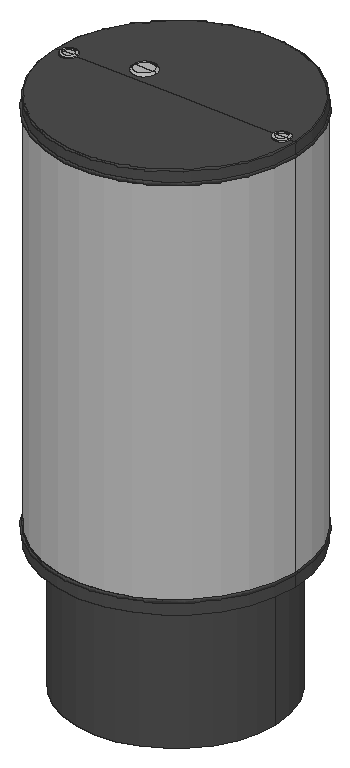
Revit family "Condensing-Storage-Water-Heater-Gas-AO_Smith-TWI-35-130_N", category Mechanical Equipment, Revit 2014
Reference planes
  plane 1 "Center (Front/Back)": y = 0
  plane 2: z = 0
  plane 3 "Center (Left/Right)": x = 0
Forms (mm)
  Revolve 1, solid, material "RAL 9005"
    sketch origin (0, 0, 0) x (1, 0, 0) y (0, 0, 1)
      loop
        line (0, 1230.694) -> (-277.019, 1230.694)
        arc (-277.019, 1230.694) -> (-278.703, 1229.997) -> (-279.4, 1228.313) r 2.381
        line (-279.4, 1228.313) -> (-279.4, 1206.258)
        arc (-279.4, 1206.258) -> (-282.593, 1203.065) -> (-279.4, 1199.872) r 3.193
        line (-279.4, 1199.872) -> (0, 1199.872) -> (0, 1230.694)
      axis (0, 1230.694) -> (0, 1199.872)
    angle from 0 to 360
  Revolve 2, solid, material "RAL 9005"
    sketch origin (0, 0, 0) x (1, 0, 0) y (0, 0, 1)
      loop
        line (0, 0) -> (0, 336.272) -> (-279.4, 336.272)
        arc (-279.4, 336.272) -> (-282.575, 333.097) -> (-279.4, 329.922) r 3.175
        line (-279.4, 329.922) -> (-279.4, 304.292) -> (-233.686, 304.292) -> (-233.686, 0) -> (0, 0)
      axis (0, 0) -> (0, 336.272)
    angle from 0 to 360
  Revolve 3, solid, material "RAL 9006"
    sketch origin (1.311, 0, 0) x (1, 0, 0) y (0, 0, 1)
      loop
        line (-278.86, 1199.872) -> (-278.86, 336.272) -> (0, 336.272) -> (0, 1199.872) -> (-278.86, 1199.872)
      axis (0, 1199.872) -> (0, 336.272)
    angle from 0 to 360
  Revolve 4, solid, material "RAL 9006"
    sketch origin (9.171, 39.723, 0) x (1, 0, 0) y (0, 0, 1)
      loop
        line (-139.961, 1230.731) -> (-112.873, 1230.731) -> (-112.873, 1233.459) -> (-135.199, 1233.459) -> (-135.199, 1234.795) -> (-139.961, 1230.731)
      axis (-112.873, 1230.731) -> (-112.873, 1234.795)
    angle from 0 to 360
  Revolve 5, solid, material "RAL 9006"
    sketch origin (9.205, 0, -7.788) x (1, 0, 0) y (0, 0, 1)
      loop
        line (-275.142, 1238.255) -> (-256.879, 1238.255) -> (-256.879, 1239.995) -> (-269.736, 1239.995) -> (-269.736, 1241.119) -> (-275.142, 1239.957) -> (-275.142, 1238.255)
      axis (-256.879, 1238.255) -> (-256.879, 1241.119)
    angle from 0 to 360
  Revolve 6, solid, material "RAL 9006"
    sketch origin (-9.205, 0, -7.788) x (-1, 0, 0) y (0, 0, 1)
      loop
        line (-275.142, 1238.255) -> (-256.879, 1238.255) -> (-256.879, 1239.995) -> (-269.736, 1239.995) -> (-269.736, 1241.119) -> (-275.142, 1239.957) -> (-275.142, 1238.255)
      axis (-256.879, 1238.255) -> (-256.879, 1241.119)
    angle from 0 to 360
  Extrusion 7, void
    sketch origin (9.207, 15.57, 145.168) x (-0.573576, -0.819152, 0) y (0, 0, 1)
      loop
        circle (0, 0) r 35
    from 191.954 to 319.17
  Extrusion 8, void
    sketch origin (167.828, 263.467, 23) x (0.939586, -0.342314, 0) y (0, 0, 1)
      loop
        arc (-60, 20) -> (-62.5, 17.5) -> (-60, 15) r 2.5
        line (-60, 15) -> (0, 15)
        arc (0, 15) -> (2.5, 17.5) -> (0, 20) r 2.5
        line (0, 20) -> (-60, 20)
    from 0 to 250
  Extrusion 9, void
    sketch origin (97.359, 289.141, 23) x (0.939586, -0.342314, 0) y (0, 0, 1)
      loop
        arc (-60, 20) -> (-62.5, 17.5) -> (-60, 15) r 2.5
        line (-60, 15) -> (0, 15)
        arc (0, 15) -> (2.5, 17.5) -> (0, 20) r 2.5
        line (0, 20) -> (-60, 20)
    from 0 to 250
  Extrusion 10, void
    sketch origin (167.828, 263.467, 40) x (0.939586, -0.342314, 0) y (0, 0, 1)
      loop
        arc (-60, 20) -> (-62.5, 17.5) -> (-60, 15) r 2.5
        line (-60, 15) -> (0, 15)
        arc (0, 15) -> (2.5, 17.5) -> (0, 20) r 2.5
        line (0, 20) -> (-60, 20)
    from 0 to 250
  Extrusion 11, void
    sketch origin (97.359, 289.141, 40) x (0.939586, -0.342314, 0) y (0, 0, 1)
      loop
        arc (-60, 20) -> (-62.5, 17.5) -> (-60, 15) r 2.5
        line (-60, 15) -> (0, 15)
        arc (0, 15) -> (2.5, 17.5) -> (0, 20) r 2.5
        line (0, 20) -> (-60, 20)
    from 0 to 250
  Extrusion 12, void
    sketch origin (167.828, 263.467, 56.961) x (0.939586, -0.342314, 0) y (0, 0, 1)
      loop
        arc (-60, 20) -> (-62.5, 17.5) -> (-60, 15) r 2.5
        line (-60, 15) -> (0, 15)
        arc (0, 15) -> (2.5, 17.5) -> (0, 20) r 2.5
        line (0, 20) -> (-60, 20)
    from 0 to 250
  Extrusion 13, void
    sketch origin (97.359, 289.141, 56.961) x (0.939586, -0.342314, 0) y (0, 0, 1)
      loop
        arc (-60, 20) -> (-62.5, 17.5) -> (-60, 15) r 2.5
        line (-60, 15) -> (0, 15)
        arc (0, 15) -> (2.5, 17.5) -> (0, 20) r 2.5
        line (0, 20) -> (-60, 20)
    from 0 to 250
  Extrusion 14, void
    sketch origin (167.828, 263.467, 71.961) x (0.939586, -0.342314, 0) y (0, 0, 1)
      loop
        arc (-60, 20) -> (-62.5, 17.5) -> (-60, 15) r 2.5
        line (-60, 15) -> (0, 15)
        arc (0, 15) -> (2.5, 17.5) -> (0, 20) r 2.5
        line (0, 20) -> (-60, 20)
    from 0 to 250
  Extrusion 15, void
    sketch origin (97.359, 289.141, 71.961) x (0.939586, -0.342314, 0) y (0, 0, 1)
      loop
        arc (-60, 20) -> (-62.5, 17.5) -> (-60, 15) r 2.5
        line (-60, 15) -> (0, 15)
        arc (0, 15) -> (2.5, 17.5) -> (0, 20) r 2.5
        line (0, 20) -> (-60, 20)
    from 0 to 250
  Extrusion 16, void
    sketch origin (167.828, 263.467, 86.961) x (0.939586, -0.342314, 0) y (0, 0, 1)
      loop
        arc (-60, 20) -> (-62.5, 17.5) -> (-60, 15) r 2.5
        line (-60, 15) -> (0, 15)
        arc (0, 15) -> (2.5, 17.5) -> (0, 20) r 2.5
        line (0, 20) -> (-60, 20)
    from 0 to 250
  Extrusion 17, void
    sketch origin (97.359, 289.141, 86.961) x (0.939586, -0.342314, 0) y (0, 0, 1)
      loop
        arc (-60, 20) -> (-62.5, 17.5) -> (-60, 15) r 2.5
        line (-60, 15) -> (0, 15)
        arc (0, 15) -> (2.5, 17.5) -> (0, 20) r 2.5
        line (0, 20) -> (-60, 20)
    from 0 to 250
  Extrusion 18, void, not visible
    sketch origin (67.5, 0, 23) x (1, 0, 0) y (0, 0, 1)
      loop
        arc (-60, 20) -> (-62.5, 17.5) -> (-60, 15) r 2.5
        line (-60, 15) -> (0, 15)
        arc (0, 15) -> (2.5, 17.5) -> (0, 20) r 2.5
        line (0, 20) -> (-60, 20)
    from 0 to 250
  Extrusion 19, void, not visible
    sketch origin (-7.5, 0, 23) x (1, 0, 0) y (0, 0, 1)
      loop
        arc (-60, 20) -> (-62.5, 17.5) -> (-60, 15) r 2.5
        line (-60, 15) -> (0, 15)
        arc (0, 15) -> (2.5, 17.5) -> (0, 20) r 2.5
        line (0, 20) -> (-60, 20)
    from 0 to 250
  Extrusion 20, void, not visible
    sketch origin (67.5, 0, 40) x (1, 0, 0) y (0, 0, 1)
      loop
        arc (-60, 20) -> (-62.5, 17.5) -> (-60, 15) r 2.5
        line (-60, 15) -> (0, 15)
        arc (0, 15) -> (2.5, 17.5) -> (0, 20) r 2.5
        line (0, 20) -> (-60, 20)
    from 0 to 250
  Extrusion 21, void, not visible
    sketch origin (-7.5, 0, 40) x (1, 0, 0) y (0, 0, 1)
      loop
        arc (-60, 20) -> (-62.5, 17.5) -> (-60, 15) r 2.5
        line (-60, 15) -> (0, 15)
        arc (0, 15) -> (2.5, 17.5) -> (0, 20) r 2.5
        line (0, 20) -> (-60, 20)
    from 0 to 250
  Extrusion 22, void, not visible
    sketch origin (67.5, 0, 56.961) x (1, 0, 0) y (0, 0, 1)
      loop
        arc (-60, 20) -> (-62.5, 17.5) -> (-60, 15) r 2.5
        line (-60, 15) -> (0, 15)
        arc (0, 15) -> (2.5, 17.5) -> (0, 20) r 2.5
        line (0, 20) -> (-60, 20)
    from 0 to 250
  Extrusion 23, void, not visible
    sketch origin (-7.5, 0, 56.961) x (1, 0, 0) y (0, 0, 1)
      loop
        arc (-60, 20) -> (-62.5, 17.5) -> (-60, 15) r 2.5
        line (-60, 15) -> (0, 15)
        arc (0, 15) -> (2.5, 17.5) -> (0, 20) r 2.5
        line (0, 20) -> (-60, 20)
    from 0 to 250
  Extrusion 24, void, not visible
    sketch origin (67.5, 0, 71.961) x (1, 0, 0) y (0, 0, 1)
      loop
        arc (-60, 20) -> (-62.5, 17.5) -> (-60, 15) r 2.5
        line (-60, 15) -> (0, 15)
        arc (0, 15) -> (2.5, 17.5) -> (0, 20) r 2.5
        line (0, 20) -> (-60, 20)
    from 0 to 250
  Extrusion 25, void, not visible
    sketch origin (-7.5, 0, 71.961) x (1, 0, 0) y (0, 0, 1)
      loop
        arc (-60, 20) -> (-62.5, 17.5) -> (-60, 15) r 2.5
        line (-60, 15) -> (0, 15)
        arc (0, 15) -> (2.5, 17.5) -> (0, 20) r 2.5
        line (0, 20) -> (-60, 20)
    from 0 to 250
  Extrusion 26, void, not visible
    sketch origin (67.5, 0, 86.961) x (1, 0, 0) y (0, 0, 1)
      loop
        arc (-60, 20) -> (-62.5, 17.5) -> (-60, 15) r 2.5
        line (-60, 15) -> (0, 15)
        arc (0, 15) -> (2.5, 17.5) -> (0, 20) r 2.5
        line (0, 20) -> (-60, 20)
    from 0 to 250
  Extrusion 27, void, not visible
    sketch origin (-7.5, 0, 86.961) x (1, 0, 0) y (0, 0, 1)
      loop
        arc (-60, 20) -> (-62.5, 17.5) -> (-60, 15) r 2.5
        line (-60, 15) -> (0, 15)
        arc (0, 15) -> (2.5, 17.5) -> (0, 20) r 2.5
        line (0, 20) -> (-60, 20)
    from 0 to 250
  Extrusion 28, void
    sketch origin (-41.336, 309.633, 193) x (0.939196, 0.343381, 0) y (0, 0, 1)
      loop
        arc (-60, 20) -> (-62.5, 17.5) -> (-60, 15) r 2.5
        line (-60, 15) -> (0, 15)
        arc (0, 15) -> (2.5, 17.5) -> (0, 20) r 2.5
        line (0, 20) -> (-60, 20)
    from 0 to 250
  Extrusion 29, void
    sketch origin (-111.775, 283.879, 193) x (0.939196, 0.343381, 0) y (0, 0, 1)
      loop
        arc (-60, 20) -> (-62.5, 17.5) -> (-60, 15) r 2.5
        line (-60, 15) -> (0, 15)
        arc (0, 15) -> (2.5, 17.5) -> (0, 20) r 2.5
        line (0, 20) -> (-60, 20)
    from 0 to 250
  Extrusion 30, void
    sketch origin (-41.336, 309.633, 210) x (0.939196, 0.343381, 0) y (0, 0, 1)
      loop
        arc (-60, 20) -> (-62.5, 17.5) -> (-60, 15) r 2.5
        line (-60, 15) -> (0, 15)
        arc (0, 15) -> (2.5, 17.5) -> (0, 20) r 2.5
        line (0, 20) -> (-60, 20)
    from 0 to 250
  Extrusion 31, void
    sketch origin (-111.775, 283.879, 210) x (0.939196, 0.343381, 0) y (0, 0, 1)
      loop
        arc (-60, 20) -> (-62.5, 17.5) -> (-60, 15) r 2.5
        line (-60, 15) -> (0, 15)
        arc (0, 15) -> (2.5, 17.5) -> (0, 20) r 2.5
        line (0, 20) -> (-60, 20)
    from 0 to 250
  Extrusion 32, void
    sketch origin (-41.336, 309.633, 226.961) x (0.939196, 0.343381, 0) y (0, 0, 1)
      loop
        arc (-60, 20) -> (-62.5, 17.5) -> (-60, 15) r 2.5
        line (-60, 15) -> (0, 15)
        arc (0, 15) -> (2.5, 17.5) -> (0, 20) r 2.5
        line (0, 20) -> (-60, 20)
    from 0 to 250
  Extrusion 33, void
    sketch origin (-111.775, 283.879, 226.961) x (0.939196, 0.343381, 0) y (0, 0, 1)
      loop
        arc (-60, 20) -> (-62.5, 17.5) -> (-60, 15) r 2.5
        line (-60, 15) -> (0, 15)
        arc (0, 15) -> (2.5, 17.5) -> (0, 20) r 2.5
        line (0, 20) -> (-60, 20)
    from 0 to 250
  Extrusion 34, void
    sketch origin (-41.336, 309.633, 241.961) x (0.939196, 0.343381, 0) y (0, 0, 1)
      loop
        arc (-60, 20) -> (-62.5, 17.5) -> (-60, 15) r 2.5
        line (-60, 15) -> (0, 15)
        arc (0, 15) -> (2.5, 17.5) -> (0, 20) r 2.5
        line (0, 20) -> (-60, 20)
    from 0 to 250
  Extrusion 35, void
    sketch origin (-111.775, 283.879, 241.961) x (0.939196, 0.343381, 0) y (0, 0, 1)
      loop
        arc (-60, 20) -> (-62.5, 17.5) -> (-60, 15) r 2.5
        line (-60, 15) -> (0, 15)
        arc (0, 15) -> (2.5, 17.5) -> (0, 20) r 2.5
        line (0, 20) -> (-60, 20)
    from 0 to 250
  Extrusion 36, void
    sketch origin (-41.336, 309.633, 256.961) x (0.939196, 0.343381, 0) y (0, 0, 1)
      loop
        arc (-60, 20) -> (-62.5, 17.5) -> (-60, 15) r 2.5
        line (-60, 15) -> (0, 15)
        arc (0, 15) -> (2.5, 17.5) -> (0, 20) r 2.5
        line (0, 20) -> (-60, 20)
    from 0 to 250
  Extrusion 37, void
    sketch origin (-111.775, 283.879, 256.961) x (0.939196, 0.343381, 0) y (0, 0, 1)
      loop
        arc (-60, 20) -> (-62.5, 17.5) -> (-60, 15) r 2.5
        line (-60, 15) -> (0, 15)
        arc (0, 15) -> (2.5, 17.5) -> (0, 20) r 2.5
        line (0, 20) -> (-60, 20)
    from 0 to 250
Cuts and joins
  Extrusion 7, Extrusion 8, Extrusion 9, Extrusion 10, Extrusion 11, Extrusion 12, Extrusion 13, Extrusion 14, Extrusion 15, Extrusion 16, Extrusion 17, Extrusion 28, Extrusion 29, Extrusion 30, Extrusion 31, Extrusion 32, Extrusion 33, Extrusion 34, Extrusion 35, Extrusion 36, Extrusion 37 cuts Revolve 2
Dimensions and locks
  aligned and locked: level to plane 2
